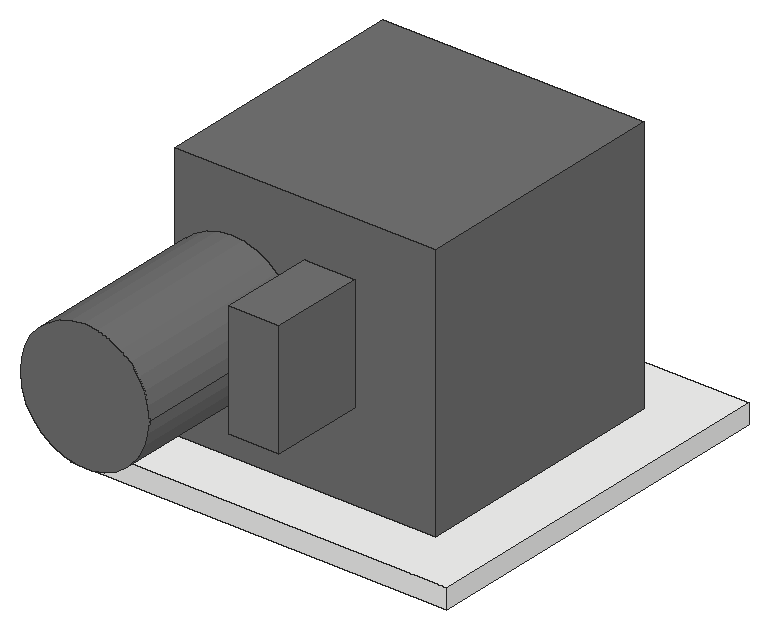
Revit family "vd-10_15z(p)cd14_60Hz", category 機械設備, Revit 2019
Family settings
  丸型コネクタ寸法 = 直径を使用
  パーツ タイプ = 標準
  OmniClass 番号 = 23.75.35.17.27
  OmniClass タイトル = Centrifugal Fans
  作業面ベース = いいえ
  常に垂直 = はい
  ロード時にボイドで切り取り = いいえ
  共有 = いいえ
  部屋計算ポイント = はい
Parameters (values of type "VD-13ZCD14")
  騒音レベル(dB(A)) [instance] = 28.5
  風量 [instance] = 130.0 m³/h
  電源種別 [instance] = ""
  電圧 = 100 V
  電動機出力 = 0 W
  電動機_種別 [instance] = ""
  運転質量 = 0.00 kg
  連動 [instance] = ""
  質量 = if(製品質量 > 運転質量, 製品質量, 運転質量) * 1.2  # 2.28 kg
  負荷分類 = 3_ファン類
  説明 = "ダクト用換気扇 低騒音形 電気式シャッター付"
  設計風量 [instance] = 0.0 m³/h
  設置方法 = "天埋"
  記号 [instance] = ""
  製造元 = "三菱電機株式会社"
  製品質量 = 1.90 kg
  製品出荷対象 = "国内"
  製品リリース年月 = "2024年4月1日"
  製品グループ = ""
  系統 [instance] = ""
  符号 [instance] = if(☑給気／□排気, "FS", "FE")  # "FE"
  積算_科目 = "2 換気設備"
  積算_拾い区分 [instance] = ""
  相 = 1
  盤記号 [instance] = ""
  発停方法 [instance] = ""
  特殊仕様 [instance] = ""
  火災停止 [instance] = ""
  消費電力 = 16.5 W
  法定耐用年数 = "15"
  機外静圧 [instance] = 0.0 Pa
  極数 = 2
  材質 [instance] = ""
  操作・制御方式 = ""
  操作・制御スイッチ = ""
  排気量 [instance] = if(☑給気／□排気, 0.0 m³/h, 設計風量)  # 0.0 m³/h
  形式 = "天井埋込ダクト形"
  幹線記号 [instance] = ""
  対象室 [instance] = ""
  実風量 [instance] = 0.0 m³/h
  始動方式 [instance] = "直入"
  外気量 [instance] = if(☑給気／□排気, 設計風量, 0.0 m³/h)  # 0.0 m³/h
  呼称 = "天井扇"
  周波数 = 60 Hz
  参照している仕様書等のバージョン = ""
  分類コード = "50052503100030"
  分類グループ = ""
  価格 = 38200
  企業コード = "108420"
  付属品_防振装置 = ""
  付属品 [instance] = ""
  仕様書バージョン = "Version1.0"
  モデル = "VD-13ZCD14"
  マテリアル = 合成樹脂(黒)
  ファンの種類 = ""
  ダクト径 = 100 mm
  コメント [instance] = ""
  Keynote = ""
  カバーマテリアル = 合成樹脂(白)
  ☑給気／□排気 [instance] = no
  Width = 198 mm
  W1 = 286 mm
  Version = ""
  Uniclass2015Version = "Systems v1.9"
  Uniclass2015Title = "Centrifugal fans"
  Uniclass2015Code = "Pr_65_67_29_12"
  URL = "https://www.mitsubishielectric.co.jp/ldg/wink/qr/002/333584/"
  SpecificationReference = ""
  SpecificationDescription = ""
  Revision = ""
  ProductInformation = ""
  OmniClassCode = "23-33 31 19 11 15"
  OAサイズ_D = 0 mm
  MIN風量 = 0.0 m³/h
  MIN静圧 = 0.0 Pa
  MID風量 = 0.0 m³/h
  MID静圧 = 0.0 Pa
  MAX風量 = 130.0 m³/h
  MAX静圧 = 0.0 Pa
  IfcTypeProduct = ""
  IfcProduct = ""
  IfcExportType = "PROPELLORAXIAL"
  IfcExportAs = "IfcFanType"
  Height = 195 mm
  H1 = 15 mm
  EAサイズ_D = 98 mm
  Duct_Height = 102 mm
  Duct_Depth = 139 mm
  Duct_Center = 56 mm
  Depth = 198 mm
  D1 = 286 mm
  Box_Width = 38 mm
  Box_W = 38 mm
  Box_Height = 87 mm
  Box_H = 66.5 mm
  Box_Depth = 72 mm
  Author = "三菱電機株式会社"
Types (4, lengths in mm): name | 騒音レベル(dB(A)) | 風量 | 質量 | 製品質量 | 製品リリース年月 | 消費電力 | 価格 | モデル | Width | W1 | URL | MAX風量 | Height | H1 | Duct_Height | Duct_Center | Depth | D1 | Box_W | Box_H
  VD-10ZCD14 | 22 | 95.0 m³/h | 2.04 kg | 1.70 kg | "2024年4月1日" | 10.3 W | 35200 | "VD-10ZCD14" | 174 | 250 | "https://www.mitsubishielectric.co.jp/ldg/wink/qr/002/333560/" | 95.0 m³/h | 184 | 15 | 102 | 0 | 174 | 250 | 94 | 66.5
  VD-13ZCD14 | 28.5 | 130.0 m³/h | 2.28 kg | 1.90 kg | "2024年4月1日" | 16.5 W | 38200 | "VD-13ZCD14" | 198 | 286 | "https://www.mitsubishielectric.co.jp/ldg/wink/qr/002/333584/" | 130.0 m³/h | 195 | 15 | 102 | 56 | 198 | 286 | 38 | 66.5
  VD-15ZCD14 | 28.5 | 180.0 m³/h | 3.60 kg | 3.00 kg | "2024年6月3日" | 16.5 W | 40300 | "VD-15ZCD14" | 254 | 330 | "https://www.mitsubishielectric.co.jp/ldg/wink/qr/002/333605/" | 180.0 m³/h | 200 | 18 | 109 | 0 | 254 | 330 | 94 | 71
  VD-15ZPCD14 | 34 | 220.0 m³/h | 3.60 kg | 3.00 kg | "2024年6月3日" | 24 W | 43500 | "VD-15ZPCD14" | 254 | 330 | "https://www.mitsubishielectric.co.jp/ldg/wink/qr/002/333629/" | 220.0 m³/h | 200 | 18 | 109 | 0 | 254 | 330 | 94 | 71
Reference planes
  plane 1 "中心(正面/背面)": y = 0
  plane 2: z = 0
  plane 3 "中心(左/右)": x = 0
  plane 4: x = -143
  plane 5: x = 143
  plane 6: y = 143
  plane 7: y = -143
  plane 8: x = -99
  plane 9: x = 99
  plane 10: y = 99
  plane 11: y = -99
  plane 12: y = -238
  plane 13: z = 195
  plane 14: z = -15
  plane 15: z = 102
  plane 16: x = -56
  plane 17: z = 66.5
  plane 18: z = 153.5
  plane 19: x = 38
  plane 20: x = 0
  plane 21: y = -171
Forms (mm)
  Extrusion 1, solid, material "合成樹脂(黒)" <- "マテリアル", detail levels fine
    sketch origin (0, 0, 0) x (1, 0, 0) y (0, 1, 0)
      loop
        line (-99, 99) -> (-99, -99) -> (99, -99) -> (99, 99) -> (-99, 99)
    from 0 to 195
  Extrusion 2, solid, material "合成樹脂(白)" <- "カバーマテリアル", detail levels fine
    sketch origin (0, 0, 0) x (1, 0, 0) y (0, 1, 0)
      loop
        line (-143, 143) -> (-143, -143) -> (143, -143) -> (143, 143) -> (-143, 143)
    from 0 to -15
  Extrusion 3, solid, material "合成樹脂(黒)" <- "マテリアル", detail levels fine
    sketch origin (0, 0, 0) x (1, 0, 0) y (0, 0, 1)
      loop
        circle (-56, 102) r 49
    from 99 to 238
  Extrusion 4, solid, material "合成樹脂(黒)" <- "マテリアル", detail levels fine
    sketch origin (0, 0, 0) x (1, 0, 0) y (0, 0, 1)
      loop
        line (38, 153.5) -> (0, 153.5) -> (0, 66.5) -> (38, 66.5) -> (38, 153.5)
    from 99 to 171
Dimensions and locks
  equal spacing: plane 4, plane 3 "中心(左/右)", plane 5
  "W1": plane 4 to plane 5
  equal spacing: plane 6, plane 1 "中心(正面/背面)", plane 7
  "D1": plane 6 to plane 7
  equal spacing: plane 8, plane 3 "中心(左/右)", plane 9
  "Width": plane 8 to plane 9
  equal spacing: plane 10, plane 1 "中心(正面/背面)", plane 11
  "Depth": plane 10 to plane 11
  "Duct_Depth": plane 11 to plane 12
  "Height": plane 13 to plane 2
  "Duct_Height": plane 15 to plane 2
  "H1": plane 2 to plane 14
  "Duct_Center": plane 3 "中心(左/右)" to plane 16
  "Box_Height": plane 18 to plane 17
  "Box_Width": plane 19 to plane 20
  "Box_Depth": plane 11 to plane 21
  "Box_W": plane 19 to plane 3 "中心(左/右)"
  "Box_H": plane 17 to level
  "EAサイズ_D": diameter of Extrusion 3 sketch curve
  aligned and locked: level to plane 2
  aligned and locked: plane 5 to Extrusion 2
  aligned and locked: plane 6 to Extrusion 2
  aligned and locked: Extrusion 2 to plane 4
  aligned and locked: Extrusion 2 to plane 7
  aligned and locked: plane 9 to Extrusion 1
  aligned and locked: Extrusion 1 to plane 11
  aligned and locked: Extrusion 1 to plane 8
  aligned and locked: plane 10 to Extrusion 1
  aligned and locked: plane 13 to Extrusion 1
  aligned and locked: Extrusion 2 to plane 14
  aligned and locked: level to Extrusion 2
  aligned and locked: Extrusion 1 to level
  aligned and locked: Extrusion 3 to plane 12
  aligned and locked: plane 11 to Extrusion 3
  aligned and locked: plane 18 to Extrusion 4
  aligned and locked: Extrusion 4 to plane 17
  aligned and locked: plane 20 to Extrusion 4
  aligned and locked: Extrusion 4 to plane 21
  aligned and locked: Extrusion 4 to Extrusion 1
  aligned and locked: plane 19 to Extrusion 4
Automatic sketch dimensions
  Extrusion 1 sketch curve to plane 3 "中心(左/右)" = 99 mm
  plane 3 "中心(左/右)" to Extrusion 1 sketch curve = 99 mm
  Extrusion 2 sketch curve to plane 3 "中心(左/右)" = 143 mm
  plane 3 "中心(左/右)" to Extrusion 2 sketch curve = 143 mm
  plane 1 "中心(正面/背面)" to Extrusion 1 sketch curve = 99 mm
  Extrusion 1 sketch curve to plane 1 "中心(正面/背面)" = 99 mm
  plane 1 "中心(正面/背面)" to Extrusion 2 sketch curve = 143 mm
  Extrusion 2 sketch curve to plane 1 "中心(正面/背面)" = 143 mm
  Extrusion 3 sketch curve to plane 15 = 0 mm
  Extrusion 3 sketch curve to plane 16 = 0 mm
  Extrusion 4 sketch curve to plane 9 = 61 mm
  Extrusion 4 sketch curve to plane 17 = 0 mm
  plane 18 to Extrusion 4 sketch curve = 0 mm
  Extrusion 4 sketch curve to plane 5 = 143 mm
Nested families
  nested 1: "記号_天井換気扇_平面" at (0, 0, 0), type "記号_天井換気扇_平面", detail levels coarse+medium
Connectors
  hvac at (-56, -238, 102), driven by "ダクト径", driven by "風量", driven by "機外静圧"
    settings: on Extrusion 3, index 1, duct flow 130.0 m³/h, flow factor 0, pres drop 0.0 Pa, loss coef 0, conn angle 0.00°, conn width 304.8 mm, conn height 304.8 mm, conn diameter 100 mm, duct sys type 3, conn prof type 0, flow config 0, flow direction 2, loss method 4, conn ref index -1, conn util no, is conn primary yes, conn desc ""
  electrical at (0, 0, 195), driven by "極数", driven by "負荷分類", driven by "電圧", driven by "消費電力"
    settings: on Extrusion 1, index 2, voltage 100 V, apparent load 16.5 VA, apparent load phase1 0 VA, apparent load phase2 0 VA, apparent load phase3 0 VA, power factor 1, load classification "3_ファン類", number of poles 2, system type 30, power factor state 1, is connector primary yes, connector utility no, sub classification motor no, connector description ""
Definition of nested family "記号_天井換気扇_平面"
  Reference planes
    plane 1: y = 0
    plane 2: x = 0
  Lines and regions (mm)
    detail lines
      curve 1: line (-2.5, 2.5, 0) -> (2.5, 2.5, 0)
      curve 2: line (-2.5, -2.5, 0) -> (-2.5, 2.5, 0)
      curve 3: line (2.5, -2.5, 0) -> (-2.5, -2.5, 0)
      curve 4: line (2.5, 2.5, 0) -> (2.5, -2.5, 0)
      curve 5: circle (-1.04, -1.04, 0) r 1.46 normal (0, 0, 1)
      curve 6: circle (1.04, 1.04, 0) r 1.46 normal (0, 0, 1)
      curve 7: line (-3.125, 3.125, 0) -> (3.125, 3.125, 0)
      curve 8: line (-3.125, -3.125, 0) -> (-3.125, 3.125, 0)
      curve 9: line (3.125, -3.125, 0) -> (-3.125, -3.125, 0)
      curve 10: line (3.125, 3.125, 0) -> (3.125, -3.125, 0)
      curve 11: circle (1.295, 1.295, 0) r 1.83 normal (0, 0, 1)
      curve 12: circle (-1.295, -1.295, 0) r 1.83 normal (0, 0, 1)
      curve 13: line (-2, 2, 0) -> (2, 2, 0)
      curve 14: line (-2, -2, 0) -> (-2, 2, 0)
      curve 15: line (2, -2, 0) -> (-2, -2, 0)
      curve 16: line (2, 2, 0) -> (2, -2, 0)
      curve 17: circle (0.84, 0.84, 0) r 1.16 normal (0, 0, 1)
      curve 18: circle (-0.84, -0.84, 0) r 1.2 normal (0, 0, 1)
